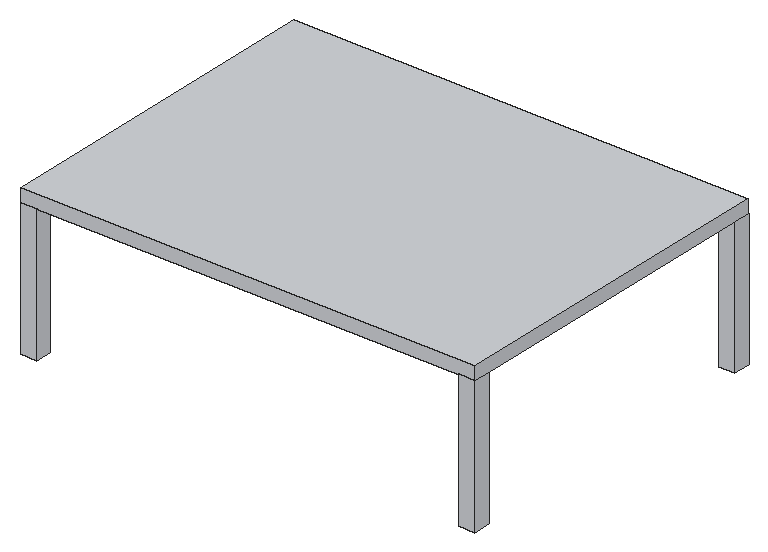
Revit family "DiningTable", category 家具, Revit 2025
Family settings
  OmniClass 编号 = 23.40.20.00
  OmniClass 标题 = General Furniture and Specialties
  基于工作平面 = 否
  视图中启用分割 = 否
  总是垂直 = 是
  载入时剪切的空心 = 否
  渲染外观源 = 族几何图形
  共享 = 否
  房间计算点 = 否
Parameters
  默认高程 = 0 mm
Reference planes
  plane 1 "中心(前/后)": y = 0
  plane 2: z = 0
  plane 3 "中心(左/右)": x = 0
  plane 4: x = -686
  plane 5: x = 686
  plane 6: y = 515
  plane 7: y = -515
  plane 8: x = -636
  plane 9: y = 465
  plane 10: x = 636
  plane 11: y = -465
Forms (mm)
  Extrusion 1, solid
    sketch origin (0, 0, 0) x (1, 0, 0) y (0, 1, 0)
      loop
        line (-686, 515) -> (-686, 465) -> (-636, 465) -> (-636, 515) -> (-686, 515)
    from 0 to 410
  Extrusion 2, solid
    sketch origin (0, 0, 0) x (1, 0, 0) y (0, 1, 0)
      loop
        line (636, 515) -> (636, 465) -> (686, 465) -> (686, 515) -> (636, 515)
    from 0 to 410
  Extrusion 3, solid
    sketch origin (0, 0, 0) x (1, 0, 0) y (0, 1, 0)
      loop
        line (-686, -465) -> (-686, -515) -> (-636, -515) -> (-636, -465) -> (-686, -465)
    from 0 to 410
  Extrusion 4, solid
    sketch origin (0, 0, 0) x (1, 0, 0) y (0, 1, 0)
      loop
        line (636, -465) -> (636, -515) -> (686, -515) -> (686, -465) -> (636, -465)
    from 0 to 410
  Extrusion 5, solid
    sketch origin (0, 0, 0) x (1, 0, 0) y (0, 1, 0)
      loop
        line (-686, 515) -> (-686, -515) -> (686, -515) -> (686, 515) -> (-686, 515)
    from 410 to 450
Dimensions and locks
  aligned and locked: level to plane 2
